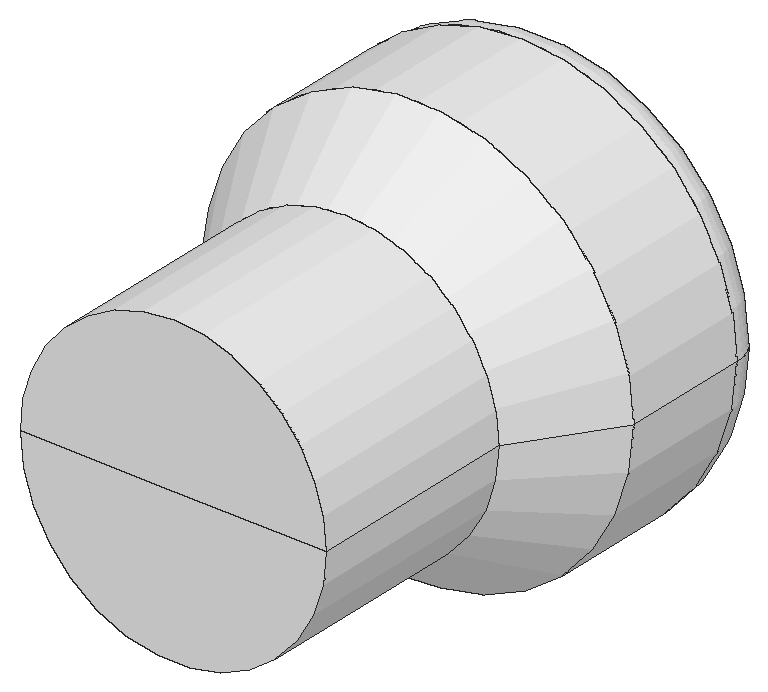
Revit family "Piesa capat de ventilatie cu membrana", category Pipe Fittings, Revit 2019
Family settings
  Round Connector Dimension = Use Diameter
  Part Type = Cap
  OmniClass Number = 23.60.30.11.14
  OmniClass Title = Pipework Fittings
  Work Plane-Based = No
  Always vertical = No
  Cut with Voids When Loaded = No
  Shared = No
Parameters
  URL = "https://www.teraplast.ro/"
  Revizie [instance] = 1
  Material [instance] = PP (Polipropilena)
  Manufacturer = "Teraplast"
  M2 [instance] = size_lookup(LookupTable, "M2", 0.00 mm, DN)  # 78.00 mm
  M1 [instance] = size_lookup(LookupTable, "M1", 0.00 mm, DN)  # 50.00 mm
  M [instance] = size_lookup(LookupTable, "M", 0.00 mm, DN)  # 35.00 mm
  LookupTable [instance] = "Piesa-capat-ventilatie-membrana"
  Garnitura [instance] = 0
  Description = "Sistem de tevi si fitinguri din PP pentru canalizari interioare."
  DN [instance] = 50.00 mm
  D [instance] = size_lookup(LookupTable, "D", 0.00 mm, DN)  # 70.00 mm
  Cod Articol Teraplast [instance] = size_lookup(LookupTable, "", "n/a", DN)  # "FPE0169"
Reference planes
  plane 1 "Center (Front/Back)": y = 0
  plane 2: z = 0
  plane 3 "Center (Left/Right)": x = 0
  plane 4: x = -25
  plane 5: x = 25
  plane 6: y = 35
  plane 7: y = 78
  plane 8: y = 50
  plane 9: x = -35
  plane 10: x = 35
Forms (mm)
  Revolve 1, solid, material "White"
    sketch origin (0, 0, 0) x (1, 0, 0) y (0, 1, 0)
      loop
        line (0, 0) -> (0, 78) -> (-28, 78)
        arc (-28, 78) -> (-32.95, 75.95) -> (-35, 71) r 7
        line (-35, 71) -> (-35, 50) -> (-25, 35) -> (-25, 0) -> (0, 0)
      axis (0, 78) -> (0, 0)
    angle from 0 to 360
Dimensions and locks
  equal spacing: plane 4, plane 3 "Center (Left/Right)", plane 5
  "DN": plane 4 to plane 5
  "M": plane 1 "Center (Front/Back)" to plane 6
  equal spacing: plane 9, plane 3 "Center (Left/Right)", plane 10
  "D": plane 9 to plane 10
  "M1": plane 1 "Center (Front/Back)" to plane 8
  "M2": plane 1 "Center (Front/Back)" to plane 7
  radius of Revolve 1 sketch curve = 7.00 mm
  aligned and locked: level to plane 2
  aligned and locked: Revolve 1 sketch curve to plane 1 "Center (Front/Back)"
  aligned and locked: Revolve 1 sketch curve to plane 3 "Center (Left/Right)"
  aligned and locked: plane 9 to Revolve 1 sketch curve
  aligned and locked: plane 8 to Revolve 1 sketch curve
  aligned and locked: plane 6 to Revolve 1 sketch curve
  aligned and locked: plane 4 to Revolve 1 sketch curve
  aligned and locked: plane 7 to Revolve 1 sketch curve
Automatic sketch dimensions
  Revolve 1 sketch curve to plane 3 "Center (Left/Right)" = 0.00 mm
  plane 1 "Center (Front/Back)" to Revolve 1 sketch curve = 2000.00 mm
  Revolve 1 sketch curve to plane 7 = 1895.00 mm
Connectors
  piping at (0, 0, 0), diameter 50, driven by "DN"
    settings: on Revolve 1, index 1, connector inside diameter 609.6 mm, connector length 0.00 mm, flow factor 0, pipe flow 0.0 L/s, pressure drop 0.0 Pa, fitting loss kfactor 0, connector angle 0.00°, fixture units 0, engagement length 0.00 mm, angle of deflection 0.00°, flow configuration 0, flow direction 0, fitting loss method 0, system type 16, joint type 0, gender type 0, connector reference index -1, connector utility 0, adjustable connector no, is connector primary yes, connector description ""
